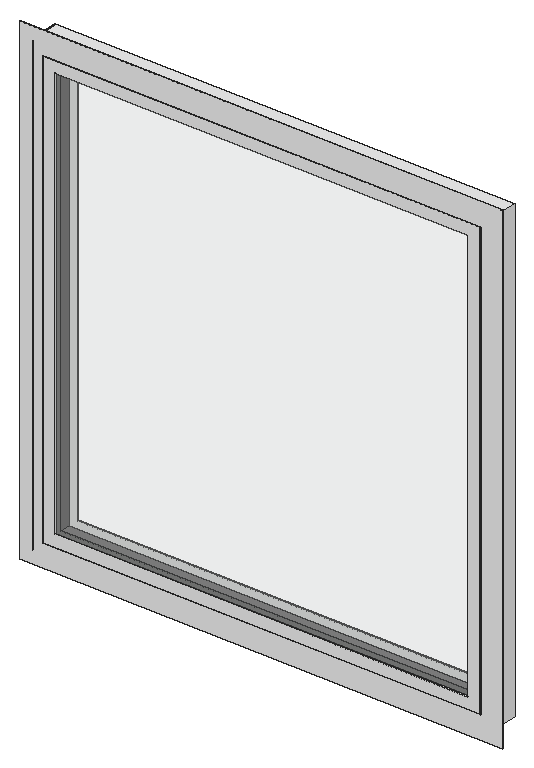
Revit family "Casement_36_B_Side_Hung_Custom", category Windows, host Wall, Revit 2014
Parameters (values of type "Casement_Sash_DG")
  Width Sash [instance] = 30 mm
  Width Sash Inner = 15 mm
  Width Bead = 15 mm
  Top Hung [instance] = yes
  Side Hung Right [instance] = yes
  Side Hung Left [instance] = yes
  Sash Opening Width [instance] = 600 mm
  Sash Opening Height [instance] = 600.312 mm
  Sash Lip = 15 mm
  Glazing Material [instance] = Glass
  DG Start Piece 2 [instance] = DG End Piece 1 + DG Gasket Thickness  # 25 mm
  DG Start Peice 1 [instance] = (Depth Sash - (2 * DG Glazing Thickness) - DG Gasket Thickness) / 2  # 6.6 mm
  Glazing Offset = 5 mm
  DG Glazing Thickness [instance] = 6.4 mm
  DG Gasket Thickness = 12 mm  # constant formula
  DG Gasket Material [instance] = Double Glazing Gasket Material
  DG End Piece 2 [instance] = DG Start Piece 2 + DG Glazing Thickness  # 31.4 mm
  DG End Piece 1 [instance] = DG Start Peice 1 + DG Glazing Thickness  # 13 mm
  Depth Sash [instance] = 38 mm
  Center Vertical Sash [instance] = Sash Opening Height / 2  # 300.156 mm
  Center Horizontal Sash [instance] = Sash Opening Width / 2  # 300 mm
  Bottom Hung [instance] = yes
  Bead Offset = 15 mm
  Aluminium Thickness = 1 mm
  Aluminium Material [instance] = White Powder Coated Aluminium
Reference planes
  plane 1 "Center (Front/Back)": y = 0
  plane 2: z = 0
  plane 3 "Center (Left/Right)": x = 0
Forms (mm)
  Sweep 1, solid, material "White Powder Coated Aluminium" <- "Aluminium Material"
    path origin (16.177, 0, 121.331) x (1, 0, 0) y (0, 0, 1)
      loop
        line (0, 0) -> (600, 0) -> (600, 600.312) -> (0, 600.312) -> (0, 0)
    profile origin (316.177, 0, 121.331) x (0, 0, 1) y (0, -1, 0)
      loop
        line (0, 0) -> (30, 0) -> (30, 1) -> (15, 1) -> (15, 38) -> (-15, 38) -> (-15, 37) -> (0, 37) -> (0, 0)
      loop
        line (14, 1) -> (14, 37) -> (1, 37) -> (1, 1) -> (14, 1)
  Sweep 2, solid, material "White Powder Coated Aluminium" <- "Aluminium Material"
    path origin (0, 0, 0) x (1, 0, 0) y (0, 0, 1)
      loop
        line (31.177, 706.643) -> (31.177, 136.331) -> (601.177, 136.331) -> (601.177, 706.643) -> (31.177, 706.643)
    profile origin (316.177, 0, 706.643) x (0, 0, 1) y (0, -1, 0)
      loop
        line (0, 37) -> (0, 38) -> (-15, 38) -> (-15, 37) -> (0, 37)
  Extrusion 3, solid, material "Glass" <- "Glazing Material"
    sketch origin (0, 0, 0) x (1, 0, 0) y (0, 0, 1)
      loop
        line (36.177, 701.643) -> (36.177, 141.331) -> (596.177, 141.331) -> (596.177, 701.643) -> (36.177, 701.643)
    from 6.6 <- "DG Start Peice 1" to 13 <- "DG End Piece 1"
  Extrusion 4, solid, material "Glass" <- "Glazing Material"
    sketch origin (0, 0, 0) x (1, 0, 0) y (0, 0, 1)
      loop
        line (36.177, 701.643) -> (36.177, 141.331) -> (596.177, 141.331) -> (596.177, 701.643) -> (36.177, 701.643)
    from 31.4 <- "DG End Piece 2" to 25 <- "DG Start Piece 2"
  Sweep 5, solid, material "Double Glazing Gasket Material" <- "DG Gasket Material"
    path origin (0, -13, 0) x (1, 0, 0) y (0, 0, 1)
      loop
        line (36.177, 701.643) -> (36.177, 141.331) -> (596.177, 141.331) -> (596.177, 701.643) -> (36.177, 701.643)
    profile origin (316.177, -13, 701.643) x (0, 0, 1) y (0, -1, 0)
      loop
        line (0, 0) -> (0, 12) -> (-7.96, 12) -> (-7.96, 0) -> (0, 0)
Lines and regions (mm)
  model lines
    curve 1: line (1.177, -38, 736.643) -> (31.177, -38, 706.643)
    curve 2: line (601.177, -38, 706.643) -> (631.177, -38, 736.643)
    curve 3: line (601.177, -38, 136.331) -> (631.177, -38, 106.331)
    curve 4: line (1.177, -38, 106.331) -> (31.177, -38, 136.331)
    curve 5: line (631.177, -37, 736.643) -> (616.177, -37, 721.643)
    curve 6: line (1.177, -37, 736.643) -> (16.177, -37, 721.643)
    curve 7: line (1.177, -37, 106.331) -> (16.177, -37, 121.331)
    curve 8: line (631.177, -37, 106.331) -> (616.177, -37, 121.331)
    curve 9: line (616.177, 0, 121.331) -> (586.177, 0, 151.331)
    curve 10: line (46.177, 0, 151.331) -> (16.177, 0, 121.331)
    curve 11: line (616.177, 0, 721.643) -> (586.177, 0, 691.643)
    curve 12: line (46.177, 0, 691.643) -> (16.177, 0, 721.643)
    curve 13: line (31.177, -38, 691.643) -> (46.177, -38, 691.643)
    curve 14: line (586.177, -38, 691.643) -> (601.177, -38, 691.643)
    curve 15: line (586.177, -38, 151.331) -> (601.177, -38, 151.331)
    curve 16: line (31.177, -38, 151.331) -> (46.177, -38, 151.331)
  model lines, style "GenericModelHiddenLines", visible <- "Top Hung"
    curve 17: line (46.386, -31.4, 690.914) -> (316.177, -31.4, 151.331)
    curve 18: line (316.177, -31.4, 151.331) -> (586.177, -31.4, 691.331)
  model lines, style "GenericModelHiddenLines", visible <- "Bottom Hung"
    curve 19: line (46.177, -31.4, 151.331) -> (316.177, -31.4, 691.331)
    curve 20: line (316.177, -31.4, 691.331) -> (586.177, -31.4, 151.331)
  model lines, style "GenericModelHiddenLines", visible <- "Side Hung Left"
    curve 21: line (46.386, -31.4, 690.914) -> (585.24, -31.4, 421.487)
    curve 22: line (585.24, -31.4, 421.487) -> (46.177, -31.4, 151.331)
  model lines, style "GenericModelHiddenLines", visible <- "Side Hung Right"
    curve 23: line (586.177, -31.4, 691.331) -> (46.177, -31.4, 421.487)
    curve 24: line (46.177, -31.4, 421.487) -> (586.177, -31.4, 151.331)
Dimensions and locks
  "Aluminium Thickness": Sweep 1 sketch curve to Sweep 1 sketch curve  (x4)
  "Depth Sash": Sweep 1 sketch curve to Sweep 1 sketch curve
  "Sash Opening Width": Sweep 1 to Sweep 1
  "Sash Opening Height": Sweep 1 to Sweep 1
  "Width Sash": Sweep 1 sketch curve to Sweep 1 sketch curve  (x2)
  "Width Sash Inner": Sweep 1 sketch curve to Sweep 1 sketch curve
  "Sash Lip": Sweep 1 sketch curve to Sweep 1 sketch curve
  "Aluminium Thickness": Sweep 1 to Sweep 2 sketch curve
  "Glazing Offset": Sweep 2 to Extrusion 3 sketch curve  (x3)
  "Glazing Offset": Extrusion 3 sketch curve to Sweep 2
  Sweep 1 to Sweep 1 = 1 mm
  "Aluminium Thickness": Sweep 2 sketch curve to Sweep 2 sketch curve
  "Width Bead": Sweep 2 sketch curve to Sweep 2 sketch curve
  locked: Sweep 5 sketch curve to Sweep 5 sketch curve at 7.96
  "Center Horizontal Sash": Sweep 1 to curve 18
  "Center Horizontal Sash": Sweep 1 to curve 20
  "Center Vertical Sash": Sweep 1 to curve 22
  "Center Vertical Sash": Sweep 1 to curve 24
  aligned and locked: level to plane 2
  aligned and locked: Sweep 1 sketch curve to Sweep 1 sketch curve  (x2)
  aligned and locked: Sweep 2 sketch curve to Sweep 1  (x5)
  aligned and locked: Extrusion 4 sketch curve to Extrusion 3  (x4)
  aligned and locked: Sweep 5 sketch curve to Extrusion 3  (x5)
  aligned and locked: Extrusion 3 to Sweep 5 sketch curve
Automatic sketch dimensions
  plane 3 "Center (Left/Right)" to Sweep 1 sketch curve = 16.177 mm
  level to Sweep 1 sketch curve = 121.331 mm
  plane 3 "Center (Left/Right)" to Sweep 1 sketch curve = 616.177 mm
  level to Sweep 1 sketch curve = 721.643 mm
  profile plane to Sweep 5 sketch curve = 12 mm
  curve 7 to Sweep 1 = 0 mm  (x4)
  curve 6 to Sweep 1 = 0 mm  (x3)
  Sweep 1 to curve 6 = 0 mm
  curve 5 to Sweep 1 = 0 mm  (x3)
  curve 8 to Sweep 1 = 0 mm  (x4)
  Sweep 1 to curve 5 = 0 mm
  curve 16 to Sweep 2 = 0 mm  (x3)
  curve 13 to Sweep 2 = 0 mm  (x3)
  curve 15 to Sweep 2 = 0 mm
  Sweep 2 to curve 15 = 0 mm  (x2)
  curve 14 to Sweep 2 = 0 mm  (x2)
  Sweep 2 to curve 14 = 0 mm
  curve 1 to Sweep 1 = 0 mm  (x4)
  curve 4 to Sweep 1 = 0 mm  (x3)
  Sweep 1 to curve 4 = 0 mm
  curve 3 to Sweep 1 = 0 mm  (x3)
  curve 2 to Sweep 1 = 0 mm  (x4)
  Sweep 1 to curve 3 = 0 mm
  curve 10 to Sweep 1 = 0 mm  (x4)
  curve 12 to Sweep 1 = 0 mm  (x3)
  Sweep 1 to curve 12 = 0 mm
  curve 9 to Sweep 1 = 0 mm  (x4)
  curve 11 to Sweep 1 = 0 mm  (x3)
  Sweep 1 to curve 11 = 0 mm
  Sweep 1 sketch curve to plane 1 "Center (Front/Back)" = 0 mm
  profile plane to Sweep 1 sketch curve = 0 mm
  curve 21 to Extrusion 4 = 10.208 mm
  curve 19 to Extrusion 4 = 10 mm
  curve 23 to Extrusion 4 = 10 mm  (x2)
  curve 22 to Extrusion 4 = 10.937 mm
  curve 20 to Extrusion 4 = 10 mm
  curve 24 to Extrusion 4 = 10 mm
  curve 22 to Extrusion 4 = 10 mm
  curve 18 to Extrusion 4 = 10 mm
  curve 21 to Extrusion 4 = 10.729 mm
  curve 19 to Extrusion 4 = 10.312 mm
  curve 18 to Extrusion 4 = 10.312 mm
